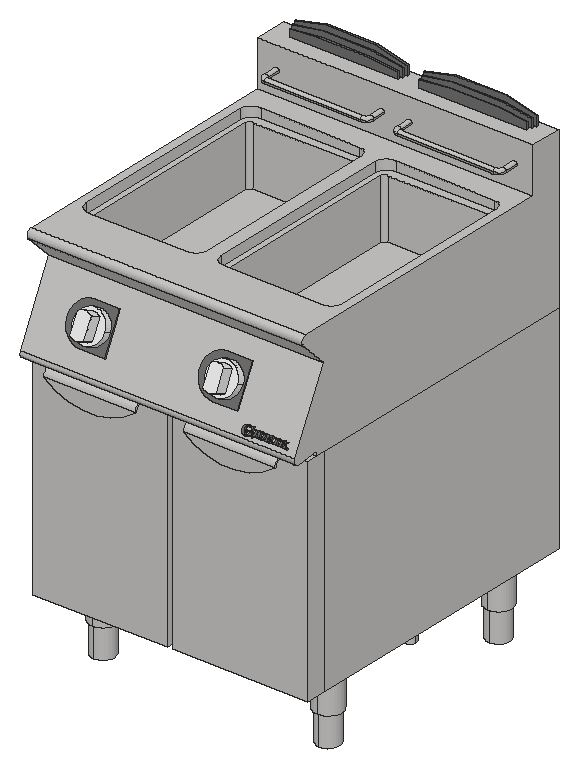
Revit family "QF_GIORIK_FE7215", category Specialty Equipment, Revit 2014
Parameters (values of type "FE7215")
  Weight in Pounds = 167.5511
  Watts = 20400 W
  Volts = 400 V
  URL Cutsheet = "www.giorik.com"
  URL = "www.giorik.com"
  Status [instance] = ""
  Specification by User [instance] = ""
  Specification by Manufacturer = ""
  Show Logo [instance] = yes
  Show Clearance [instance] = yes
  Serial Number = ""
  Seismic Rating = ""
  SMACNA No = ""
  Revision Code [instance] = ""
  Phase = 3
  Number of Poles [instance] = 3
  NAFEM Spec ID Number = ""
  Model = "FE7215"
  Min Ckt Ampacity = 0 A
  Max Overcurrent Protection = 0 A
  Masterspec = ""
  Manufacturer = "GIORIK"
  Item Number [instance] = ""
  Installed By [instance] = ""
  Identify Quantity as Lot [instance] = no
  HP = "27.356808000000"
  Furnished By [instance] = ""
  Foodservice Equipment Identifier [instance] = yes
  FL Amps = 0 A
  Electrical Remarks [instance] = ""
  Electric Connection Type [instance] = ""
  Elec Conn RI Height [instance] = 0 mm
  Elec Conn Connection Height [instance] = 150 mm
  Description = "15+15 LITRE ELECTRIC FRYER."
  Cycle = 50 Hz
  Conn Plug = ""
  CSI MasterFormat = ""
  Assembly Code = "E1090320"
  Apparent Power = 20400 VA
Reference planes
  plane 1 "Back": y = 0
  plane 2: z = 0
  plane 3 "Left": x = 0
  plane 4 "Right": x = 600
  plane 5 "Front": y = -720
  plane 6 "Top": z = 900
Forms (mm)
  Extrusion 1, solid, visible <- "Show Logo"
    sketch origin (386.604, -736.761, 609.486) x (-1, 0, 0) y (0, 0.452718, 0.891654)
      loop
        line (-118.824, 58.358) -> (-127.804, 58.358) -> (-125.523, 56.445) -> (-125.523, 48.027) -> (-127.804, 46.113) -> (-118.824, 46.113) -> (-121.105, 48.027) -> (-121.105, 56.445) -> (-118.824, 58.358)
      loop
        line (-163.721, 58.358) -> (-172.7, 58.358) -> (-170.42, 56.445) -> (-170.42, 48.027) -> (-172.7, 46.113) -> (-163.721, 46.113) -> (-166.001, 48.027) -> (-166.001, 56.445) -> (-163.721, 58.358)
      loop
        line (-174.332, 58.358) -> (-183.312, 58.358) -> (-181.031, 56.445) -> (-181.031, 52.435) -> (-186.419, 56.955) -> (-184.416, 58.358) -> (-191.268, 58.358) -> (-188.01, 56.839) -> (-185.455, 54.283) -> (-190.846, 47.858) -> (-193.396, 46.93) -> (-193.396, 46.113) -> (-184.416, 46.113) -> (-185.437, 47.571) -> (-182.443, 51.552) -> (-181.031, 50.894) -> (-181.031, 48.027) -> (-183.312, 46.113) -> (-174.332, 46.113) -> (-176.613, 48.027) -> (-176.613, 56.445) -> (-174.332, 58.358)
      loop
        line (-115.429, 62.063) -> (-115.429, 54.198)
        arc (-115.429, 54.198) -> (-111.618, 57.803) -> (-106.847, 59.986) r 16.039
        arc (-106.847, 59.986) -> (-103.314, 59.837) -> (-100.512, 57.68) r 5.851
        arc (-100.512, 57.68) -> (-98.815, 52.267) -> (-100.512, 46.853) r 9.479
        arc (-100.512, 46.853) -> (-102.406, 44.986) -> (-104.846, 43.93) r 7.236
        arc (-104.846, 43.93) -> (-107.728, 44.111) -> (-110.052, 45.825) r 5.11
        line (-110.052, 45.825) -> (-110.052, 52.001) -> (-116.141, 52.001) -> (-116.141, 45.503) -> (-117.893, 43.751) -> (-114.094, 44.769)
        arc (-114.094, 44.769) -> (-112.56, 44.947) -> (-111.129, 44.366) r 3.115
        arc (-111.129, 44.366) -> (-104.216, 42.091) -> (-97.303, 44.366) r 11.641
        arc (-97.303, 44.366) -> (-93.396, 52.107) -> (-97.303, 59.849) r 9.622
        arc (-97.303, 59.849) -> (-104.369, 62.174) -> (-111.435, 59.849) r 11.898
        line (-111.435, 59.849) -> (-115.429, 62.063)
      loop
        arc (-129.234, 56.068) -> (-135.893, 58.628) -> (-142.552, 56.068) r 9.941
        arc (-142.552, 56.068) -> (-144.234, 52.286) -> (-142.552, 48.505) r 5.093
        arc (-142.552, 48.505) -> (-135.893, 45.945) -> (-129.234, 48.505) r 9.941
        arc (-129.234, 48.505) -> (-127.552, 52.286) -> (-129.234, 56.068) r 5.093
      loop
        arc (-132.628, 54.403) -> (-135.893, 57.668) -> (-139.158, 54.403) r 3.265
        line (-139.158, 54.403) -> (-139.158, 50.169)
        arc (-139.158, 50.169) -> (-135.893, 46.904) -> (-132.628, 50.169) r 3.265
        line (-132.628, 50.169) -> (-132.628, 54.403)
      loop
        arc (-156.363, 58.365) -> (-159.647, 55.081) -> (-156.363, 51.796) r 3.285
        line (-156.363, 51.796) -> (-159.529, 47.306) -> (-162.087, 46.113) -> (-155.847, 46.113) -> (-153.529, 51.083) -> (-150.637, 51.083) -> (-150.637, 47.784) -> (-153.022, 46.113) -> (-144.011, 46.113) -> (-146.094, 47.68) -> (-146.094, 56.493) -> (-144.229, 58.365) -> (-156.363, 58.365)
      loop
        line (-150.637, 57.512) -> (-153.637, 57.512)
        arc (-153.637, 57.512) -> (-156.237, 54.912) -> (-153.637, 52.312) r 2.6
        line (-153.637, 52.312) -> (-150.637, 52.312) -> (-150.637, 57.512)
      loop
        line (-108.924, 52.001) -> (-104.936, 49.005) -> (-100.948, 52.001) -> (-108.924, 52.001)
    from 1.5 to -0.5
  Extrusion 2, solid
    sketch origin (-16, 1025.81, 0) x (1, 0, 0) y (0, 1, 0)
      loop
        line (25, -1086.81) -> (25, -1156.81) -> (115, -1156.81) -> (115, -1086.81) -> (25, -1086.81)
    from 148 to 150
  Extrusion 3, solid
    sketch origin (0, 1000, -20) x (0, 1, 0) y (0, 0, 1)
      loop
        line (-1000, 989.988) -> (-1070, 989.988) -> (-1070, 889.988) -> (-1688.806, 889.988)
        arc (-1688.806, 889.988) -> (-1699.151, 883.075) -> (-1696.724, 870.873) r 11.197
        line (-1696.724, 870.873) -> (-1640.876, 815.025) -> (-1718.948, 661.258)
        arc (-1718.948, 661.258) -> (-1718.233, 650.105) -> (-1708.118, 645.354) r 10.981
        line (-1708.118, 645.354) -> (-1660, 649.925) -> (-1660, 640) -> (-1000, 640) -> (-1000, 989.988)
    from 0 to 600
  Extrusion 4, solid
    sketch origin (0, 0, 599.536) x (1, 0, 0) y (0, 1, 0)
      loop
        line (0, -640) -> (40, -640) -> (40, -40) -> (560, -40) -> (560, -640) -> (600, -640) -> (600, 0) -> (0, 0) -> (0, -640)
    from -449.536 to 20.464
  Extrusion 5, solid
    sketch origin (0, 0, 0) x (1, 0, 0) y (0, 1, 0)
      loop
        line (40, -40) -> (40, -640) -> (560, -640) -> (560, -40) -> (40, -40)
    from 150 to 190
  Extrusion 6, solid
    sketch origin (-16, 560.81, 0) x (1, 0, 0) y (0, 1, 0)
      loop
        line (25, -1086.81) -> (25, -1156.81) -> (115, -1156.81) -> (115, -1086.81) -> (25, -1086.81)
    from 148 to 150
  Revolve 7, solid
    sketch origin (54, 560.81, 0) x (0, 1, 0) y (0, 0, 1)
      loop
        line (-1092.56, 66) -> (-1092.56, 148) -> (-1121.81, 148) -> (-1121.81, 0) -> (-1096.81, 0) -> (-1096.81, 66) -> (-1092.56, 66)
      axis (-1121.81, 0) -> (-1121.81, 148)
    angle from 0 to 360
  Revolve 8, solid
    sketch origin (54, 1025.81, 0) x (0, 1, 0) y (0, 0, 1)
      loop
        line (-1092.56, 66) -> (-1092.56, 148) -> (-1121.81, 148) -> (-1121.81, 0) -> (-1096.81, 0) -> (-1096.81, 66) -> (-1092.56, 66)
      axis (-1121.81, 0) -> (-1121.81, 148)
    angle from 0 to 360
  Extrusion 9, solid
    sketch origin (616, 560.81, 0) x (-1, 0, 0) y (0, -1, 0)
      loop
        line (25, 1086.81) -> (115, 1086.81) -> (115, 1156.81) -> (25, 1156.81) -> (25, 1086.81)
    from 148 to 150
  Revolve 10, solid
    sketch origin (546, 560.81, 0) x (0, 1, 0) y (0, 0, -1)
      loop
        line (-1092.56, -66) -> (-1096.81, -66) -> (-1096.81, 0) -> (-1121.81, 0) -> (-1121.81, -148) -> (-1092.56, -148) -> (-1092.56, -66)
      axis (-1121.81, 0) -> (-1121.81, -148)
    angle from 0 to 360
  Extrusion 11, solid
    sketch origin (616, -1217.81, 0) x (-1, 0, 0) y (0, -1, 0)
      loop
        line (25, -1086.81) -> (25, -1156.81) -> (115, -1156.81) -> (115, -1086.81) -> (25, -1086.81)
    from 148 to 150
  Revolve 12, solid
    sketch origin (546, -1217.81, 0) x (0, -1, 0) y (0, 0, 1)
      loop
        line (-1092.56, 66) -> (-1092.56, 148) -> (-1121.81, 148) -> (-1121.81, 0) -> (-1096.81, 0) -> (-1096.81, 66) -> (-1092.56, 66)
      axis (-1121.81, 0) -> (-1121.81, 148)
    angle from 0 to 360
  Extrusion 13, solid
    sketch origin (-293.221, -963.345, 52.363) x (1, 0, 0) y (0, 0.452718, 0.891654)
      loop
        line (463.221, 676.25) -> (463.221, 766.25) -> (409.698, 766.25)
        arc (409.698, 766.25) -> (364.698, 721.25) -> (409.698, 676.25) r 45
        line (409.698, 676.25) -> (463.221, 676.25)
    from 48 to 50
  Extrusion 14, solid
    sketch origin (481.331, -1008.697, 74.959) x (-1, 0, 0) y (0, -0.45351, -0.891251)
      loop
        circle (351.331, -721.346) r 35
    from 0 to 15
  Extrusion 15, solid
    sketch origin (481.331, -1008.697, 74.959) x (-1, 0, 0) y (0, -0.45351, -0.891251)
      loop
        arc (336.331, -743.846) -> (351.331, -748.846) -> (366.331, -743.846) r 25
        line (366.331, -743.846) -> (366.331, -698.846)
        arc (366.331, -698.846) -> (351.331, -693.846) -> (336.331, -698.846) r 25
        line (336.331, -698.846) -> (336.331, -743.846)
    from 15 to 40
  Extrusion 16, solid
    sketch origin (-94, 0, 59.999) x (1, 0, 0) y (0, 0, 1)
      loop
        line (135, 909.989) -> (370.5, 909.989) -> (370.5, 925.527) -> (305.556, 931.749) -> (199.444, 931.749) -> (135, 925.527) -> (135, 909.989)
    from 32 to 35
  Extrusion 17, solid
    sketch origin (-92, 10, 59.999) x (1, 0, 0) y (0, 0, 1)
      loop
        line (371.5, 909.989) -> (371.5, 928.527) -> (304.662, 939.193) -> (196.338, 939.193) -> (130, 928.527) -> (130, 909.989) -> (371.5, 909.989)
    from 32 to 35
  Extrusion 18, solid
    sketch origin (-90, 20, 59.999) x (1, 0, 0) y (0, 0, 1)
      loop
        line (372.5, 909.989) -> (372.5, 930.527) -> (303.896, 947.413) -> (193.104, 947.413) -> (125, 930.527) -> (125, 909.989) -> (372.5, 909.989)
    from 32 to 35
  Extrusion 19, void
    sketch origin (0, 0, 819.988) x (0, 1, 0) y (-1, 0, 0)
      loop
        arc (-120, -45) -> (-127.322, -27.322) -> (-145, -20) r 25
        line (-145, -20) -> (-565.002, -20)
        arc (-565.002, -20) -> (-582.68, -27.322) -> (-590.002, -45) r 25
        line (-590.002, -45) -> (-590.002, -260)
        arc (-590.002, -260) -> (-582.68, -277.678) -> (-565.002, -285) r 25
        line (-565.002, -285) -> (-145, -285)
        arc (-145, -285) -> (-127.322, -277.678) -> (-120, -260) r 25
        line (-120, -260) -> (-120, -45)
    from -100 to 50
  Extrusion 20, solid
    sketch origin (0, 0, 900) x (0, 1, 0) y (-1, 0, 0)
      loop
        arc (-120, -45) -> (-127.322, -27.322) -> (-145, -20) r 25
        line (-145, -20) -> (-565.002, -20)
        arc (-565.002, -20) -> (-582.68, -27.322) -> (-590.002, -45) r 25
        line (-590.002, -45) -> (-590.002, -260)
        arc (-590.002, -260) -> (-582.68, -277.678) -> (-565.002, -285) r 25
        line (-565.002, -285) -> (-145, -285)
        arc (-145, -285) -> (-127.322, -277.678) -> (-120, -260) r 25
        line (-120, -260) -> (-120, -45)
      loop
        arc (-140, -45) -> (-142.929, -37.929) -> (-150, -35) r 10
        line (-150, -35) -> (-560.002, -35)
        arc (-560.002, -35) -> (-567.073, -37.929) -> (-570.002, -45) r 10
        line (-570.002, -45) -> (-570.002, -260)
        arc (-570.002, -260) -> (-567.073, -267.071) -> (-560.002, -270) r 10
        line (-560.002, -270) -> (-150, -270)
        arc (-150, -270) -> (-142.929, -267.071) -> (-140, -260) r 10
        line (-140, -260) -> (-140, -45)
    from -180.012 to -50
  Extrusion 21, solid
    sketch origin (205, -725, 0) x (1, 0, 0) y (0, 0, 1)
      loop
        line (100, 620) -> (100, 150) -> (395, 150) -> (395, 620) -> (100, 620)
    from -85 to -40
  Extrusion 22, solid
    sketch origin (255, -725, -20.1) x (0, 1, 0) y (0, 0, 1)
      loop
        arc (25, 640.1) -> (14.393, 635.707) -> (10, 625.1) r 15
        line (10, 625.1) -> (12, 625.1)
        arc (12, 625.1) -> (15.808, 634.292) -> (25, 638.1) r 13
        line (25, 638.1) -> (40, 638.1) -> (40, 640.1) -> (25, 640.1)
    from 97.5 to 297.5
  Extrusion 23, solid
    sketch origin (255, -724.905, -20.1) x (1, 0, 0) y (0, 0, 1)
      loop
        arc (97.5, 625.1) -> (197.5, 590.089) -> (297.5, 625.1) r 160.316
        line (297.5, 625.1) -> (97.5, 625.1)
    from -11.905 to -9.905
  Extrusion 24, solid, visible <- "Show Clearance", detail levels coarse
    sketch origin (600, -725, 0) x (-1, 0, 0) y (0, -1, 0)
      loop
        line (0, -40) -> (295, -40)
        arc (295, -40) -> (208.597, 168.596) -> (0, 255) r 295
        line (0, 255) -> (0, -40)
    from 150 to 620
  Sweep 25, solid
    path origin (-40, 0, 919.988) x (0, 1, 0) y (-1, 0, 0)
      loop
        line (-70, -80) -> (-100, -80)
        arc (-100, -80) -> (-107.071, -82.929) -> (-110, -90) r 10
        line (-110, -90) -> (-110, -300)
        arc (-110, -300) -> (-107.071, -307.071) -> (-100, -310) r 10
        line (-100, -310) -> (-70, -310)
    profile origin (40, -85, 919.988) x (1, 0, 0) y (0, 0, 1)
      loop
        circle (0, 0) r 5
  Extrusion 26, solid
    sketch origin (-3.221, -963.345, 52.363) x (1, 0, 0) y (0, 0.452718, 0.891654)
      loop
        line (463.221, 676.25) -> (463.221, 766.25) -> (409.698, 766.25)
        arc (409.698, 766.25) -> (364.698, 721.25) -> (409.698, 676.25) r 45
        line (409.698, 676.25) -> (463.221, 676.25)
    from 48 to 50
  Extrusion 27, solid
    sketch origin (771.331, -1008.697, 74.959) x (-1, 0, 0) y (0, -0.45351, -0.891251)
      loop
        circle (351.331, -721.346) r 35
    from 0 to 15
  Extrusion 28, solid
    sketch origin (771.331, -1008.697, 74.959) x (-1, 0, 0) y (0, -0.45351, -0.891251)
      loop
        arc (336.331, -743.846) -> (351.331, -748.846) -> (366.331, -743.846) r 25
        line (366.331, -743.846) -> (366.331, -698.846)
        arc (366.331, -698.846) -> (351.331, -693.846) -> (336.331, -698.846) r 25
        line (336.331, -698.846) -> (336.331, -743.846)
    from 15 to 40
  Extrusion 29, solid
    sketch origin (295, 0, 900) x (0, 1, 0) y (-1, 0, 0)
      loop
        arc (-120, -45) -> (-127.322, -27.322) -> (-145, -20) r 25
        line (-145, -20) -> (-565.002, -20)
        arc (-565.002, -20) -> (-582.68, -27.322) -> (-590.002, -45) r 25
        line (-590.002, -45) -> (-590.002, -260)
        arc (-590.002, -260) -> (-582.68, -277.678) -> (-565.002, -285) r 25
        line (-565.002, -285) -> (-145, -285)
        arc (-145, -285) -> (-127.322, -277.678) -> (-120, -260) r 25
        line (-120, -260) -> (-120, -45)
      loop
        arc (-140, -45) -> (-142.929, -37.929) -> (-150, -35) r 10
        line (-150, -35) -> (-560.002, -35)
        arc (-560.002, -35) -> (-567.073, -37.929) -> (-570.002, -45) r 10
        line (-570.002, -45) -> (-570.002, -260)
        arc (-570.002, -260) -> (-567.073, -267.071) -> (-560.002, -270) r 10
        line (-560.002, -270) -> (-150, -270)
        arc (-150, -270) -> (-142.929, -267.071) -> (-140, -260) r 10
        line (-140, -260) -> (-140, -45)
    from -180.012 to -50
  Sweep 30, solid
    path origin (250, 0, 919.988) x (0, 1, 0) y (-1, 0, 0)
      loop
        line (-70, -80) -> (-100, -80)
        arc (-100, -80) -> (-107.071, -82.929) -> (-110, -90) r 10
        line (-110, -90) -> (-110, -300)
        arc (-110, -300) -> (-107.071, -307.071) -> (-100, -310) r 10
        line (-100, -310) -> (-70, -310)
    profile origin (330, -85, 919.988) x (1, 0, 0) y (0, 0, 1)
      loop
        circle (0, 0) r 5
  Extrusion 31, void
    sketch origin (600, 0, 819.988) x (0, 1, 0) y (-1, 0, 0)
      loop
        line (-120, 45) -> (-120, 260)
        arc (-120, 260) -> (-127.322, 277.678) -> (-145, 285) r 25
        line (-145, 285) -> (-565.002, 285)
        arc (-565.002, 285) -> (-582.68, 277.678) -> (-590.002, 260) r 25
        line (-590.002, 260) -> (-590.002, 45)
        arc (-590.002, 45) -> (-582.68, 27.322) -> (-565.002, 20) r 25
        line (-565.002, 20) -> (-145, 20)
        arc (-145, 20) -> (-127.322, 27.322) -> (-120, 45) r 25
    from -100 to 50
  Extrusion 32, solid
    sketch origin (694, 0, 59.999) x (-1, 0, 0) y (0, 0, -1)
      loop
        line (135, -909.989) -> (135, -925.527) -> (199.444, -931.749) -> (305.556, -931.749) -> (370.5, -925.527) -> (370.5, -909.989) -> (135, -909.989)
    from 32 to 35
  Extrusion 33, solid
    sketch origin (692, 10, 59.999) x (-1, 0, 0) y (0, 0, -1)
      loop
        line (371.5, -909.989) -> (130, -909.989) -> (130, -928.527) -> (196.338, -939.193) -> (304.662, -939.193) -> (371.5, -928.527) -> (371.5, -909.989)
    from 32 to 35
  Extrusion 34, solid
    sketch origin (690, 20, 59.999) x (-1, 0, 0) y (0, 0, -1)
      loop
        line (372.5, -909.989) -> (125, -909.989) -> (125, -930.527) -> (193.104, -947.413) -> (303.896, -947.413) -> (372.5, -930.527) -> (372.5, -909.989)
    from 32 to 35
  Extrusion 35, solid
    sketch origin (395, -725, 0) x (-1, 0, 0) y (0, 0, -1)
      loop
        line (100, -620) -> (395, -620) -> (395, -150) -> (100, -150) -> (100, -620)
    from -85 to -40
  Extrusion 36, solid
    sketch origin (345, -725, -20.1) x (0, 1, 0) y (0, 0, -1)
      loop
        line (25, -640.1) -> (40, -640.1) -> (40, -638.1) -> (25, -638.1)
        arc (25, -638.1) -> (15.808, -634.292) -> (12, -625.1) r 13
        line (12, -625.1) -> (10, -625.1)
        arc (10, -625.1) -> (14.393, -635.707) -> (25, -640.1) r 15
    from 97.5 to 297.5
  Extrusion 37, solid
    sketch origin (345, -724.905, -20.1) x (-1, 0, 0) y (0, 0, -1)
      loop
        line (97.5, -625.1) -> (297.5, -625.1)
        arc (297.5, -625.1) -> (197.5, -590.089) -> (97.5, -625.1) r 160.316
    from -11.905 to -9.905
  Extrusion 38, solid, visible <- "Show Clearance", detail levels coarse
    sketch origin (0, -725, 0) x (1, 0, 0) y (0, 1, 0)
      loop
        line (0, 40) -> (0, -255)
        arc (0, -255) -> (208.597, -168.596) -> (295, 40) r 295
        line (295, 40) -> (0, 40)
    from 150 to 620
  Extrusion 39, solid
    sketch origin (0, 0, 100) x (0, 1, 0) y (-1, 0, 0)
      loop
        circle (-380, -580) r 12.5
    from 30 to 50
Cuts and joins
  Extrusion 19, Extrusion 31 cuts Extrusion 3
  Extrusion 31 cuts Extrusion 20
Lines and regions (mm)
  symbolic lines, style "200-EquipBorder-2D"
    curve 1: line (0, -720, 0) -> (600, -720, 0)
    curve 2: line (600, -720, 0) -> (600, 0, 0)
    curve 3: line (600, 0, 0) -> (0, 0, 0)
    curve 4: line (0, 0, 0) -> (0, -720, 0)
  symbolic lines, style "QF_Door-Drawer Clearances", visible <- "Show Clearance", detail levels coarse
    curve 5: line (600, -720, 0) -> (600, -980, 0)
    curve 6: line (0, -720, 0) -> (0, -980, 0)
    curve 84: arc (292.916, -720, 900) -> (195.832, -905.624, 900) -> (0, -980, 900) r 295
    curve 85: arc (307.084, -720, 900) -> (404.168, -905.624, 900) -> (600, -980, 900) r 295
  symbolic lines, style "200-EquipInternal-2D"
    curve 7: line (282.5, -12, 900) -> (35, -12, 900)
    curve 8: line (279.5, -22, 900) -> (38, -22, 900)
    curve 9: line (276.5, -32, 900) -> (41, -32, 900)
    curve 10: line (35, -15, 900) -> (282.5, -15, 900)
    curve 11: line (38, -25, 900) -> (279.5, -25, 900)
    curve 12: line (41, -35, 900) -> (276.5, -35, 900)
    curve 13: line (35, -12, 900) -> (35, -15, 900)
    curve 14: line (38, -22, 900) -> (38, -25, 900)
    curve 15: line (41, -32, 900) -> (41, -35, 900)
    curve 16: line (282.5, -15, 900) -> (282.5, -12, 900)
    curve 17: line (279.5, -25, 900) -> (279.5, -22, 900)
    curve 18: line (276.5, -35, 900) -> (276.5, -32, 900)
    curve 19: line (323.5, -35, 900) -> (559, -35, 900)
    curve 20: line (559, -32, 900) -> (323.5, -32, 900)
    curve 21: line (320.5, -22, 900) -> (320.5, -25, 900)
    curve 22: line (317.5, -12, 900) -> (317.5, -15, 900)
    curve 23: line (323.5, -32, 900) -> (323.5, -35, 900)
    curve 24: line (320.5, -25, 900) -> (562, -25, 900)
    curve 25: line (562, -22, 900) -> (320.5, -22, 900)
    curve 26: line (317.5, -15, 900) -> (565, -15, 900)
    curve 27: line (565, -12, 900) -> (317.5, -12, 900)
    curve 28: line (565, -15, 900) -> (565, -12, 900)
    curve 29: line (562, -25, 900) -> (562, -22, 900)
    curve 30: line (559, -35, 900) -> (559, -32, 900)
    curve 31: line (35, -70, 900) -> (35, -99.667, 900)
    curve 32: line (45, -100, 900) -> (45, -70, 900)
    curve 33: line (49.989, -104.989, 900) -> (260.277, -104.989, 900)
    curve 34: line (265.038, -100.227, 900) -> (265.038, -70, 900)
    curve 35: line (275.038, -70, 900) -> (275.038, -100.301, 900)
    curve 36: line (260.34, -115, 900) -> (50.333, -115, 900)
    curve 37: arc (50.333, -115, 900) -> (39.491, -110.509, 900) -> (35, -99.667, 900) r 15.333
    curve 38: arc (45, -100, 900) -> (46.461, -103.528, 900) -> (49.989, -104.989, 900) r 4.989
    curve 39: arc (260.34, -115, 900) -> (270.733, -110.695, 900) -> (275.038, -100.301, 900) r 14.699
    curve 40: arc (265.038, -100.227, 900) -> (263.644, -103.594, 900) -> (260.277, -104.989, 900) r 4.762
    curve 41: line (325, -70, 900) -> (325, -99.667, 900)
    curve 42: line (335, -100, 900) -> (335, -70, 900)
    curve 43: line (339.989, -104.989, 900) -> (550.27, -104.989, 900)
    curve 44: line (555.032, -100.227, 900) -> (555.032, -70, 900)
    curve 45: line (565, -70, 900) -> (565, -100.301, 900)
    curve 46: line (550.301, -115, 900) -> (340.333, -115, 900)
    curve 47: arc (340.333, -115, 900) -> (329.491, -110.509, 900) -> (325, -99.667, 900) r 15.333
    curve 48: arc (335, -100, 900) -> (336.461, -103.528, 900) -> (339.989, -104.989, 900) r 4.989
    curve 49: arc (550.301, -115, 900) -> (560.695, -110.695, 900) -> (565, -100.301, 900) r 14.699
    curve 50: arc (555.032, -100.227, 900) -> (553.637, -103.594, 900) -> (550.27, -104.989, 900) r 4.762
    curve 51: line (600, -70, 900) -> (0, -70, 900)
    curve 52: line (45, -140, 900) -> (260, -140, 900)
    curve 53: line (260, -120, 900) -> (45, -120, 900)
    curve 54: line (285, -565.002, 900) -> (285, -145, 900)
    curve 55: line (270, -150, 900) -> (270, -560.002, 900)
    curve 56: line (315, -145, 900) -> (315, -565.002, 900)
    curve 57: line (330, -560.002, 900) -> (330, -150, 900)
    curve 58: line (340, -140, 900) -> (555, -140, 900)
    curve 59: line (555, -120, 900) -> (340, -120, 900)
    curve 60: line (580, -565.002, 900) -> (580, -145, 900)
    curve 61: line (565, -150, 900) -> (565, -560.002, 900)
    curve 62: line (555, -570.002, 900) -> (340, -570.002, 900)
    curve 63: line (340, -590.002, 900) -> (555, -590.002, 900)
    curve 64: line (45, -590.002, 900) -> (260, -590.002, 900)
    curve 65: line (260, -570.002, 900) -> (45, -570.002, 900)
    curve 66: line (35, -560.002, 900) -> (35, -150, 900)
    curve 67: line (20, -145, 900) -> (20, -565.002, 900)
    curve 68: arc (45, -120, 900) -> (27.322, -127.322, 900) -> (20, -145, 900) r 25
    curve 69: arc (45, -140, 900) -> (37.929, -142.929, 900) -> (35, -150, 900) r 10
    curve 70: arc (260, -140, 900) -> (267.071, -142.929, 900) -> (270, -150, 900) r 10
    curve 71: arc (260, -120, 900) -> (277.678, -127.322, 900) -> (285, -145, 900) r 25
    curve 72: arc (315, -145, 900) -> (322.322, -127.322, 900) -> (340, -120, 900) r 25
    curve 73: arc (340, -140, 900) -> (332.929, -142.929, 900) -> (330, -150, 900) r 10
    curve 74: arc (555, -120, 900) -> (572.678, -127.322, 900) -> (580, -145, 900) r 25
    curve 75: arc (555, -140, 900) -> (562.071, -142.929, 900) -> (565, -150, 900) r 10
    curve 76: arc (565, -560.002, 900) -> (562.071, -567.073, 900) -> (555, -570.002, 900) r 10
    curve 77: arc (580, -565.002, 900) -> (572.678, -582.68, 900) -> (555, -590.002, 900) r 25
    curve 78: arc (330, -560.002, 900) -> (332.929, -567.073, 900) -> (340, -570.002, 900) r 10
    curve 79: arc (315, -565.002, 900) -> (322.322, -582.68, 900) -> (340, -590.002, 900) r 25
    curve 80: arc (285, -565.002, 900) -> (277.678, -582.68, 900) -> (260, -590.002, 900) r 25
    curve 81: arc (260, -570.002, 900) -> (267.071, -567.073, 900) -> (270, -560.002, 900) r 10
    curve 82: arc (35, -560.002, 900) -> (37.929, -567.073, 900) -> (45, -570.002, 900) r 10
    curve 83: arc (20, -565.002, 900) -> (27.322, -582.68, 900) -> (45, -590.002, 900) r 25
Dimensions and locks
  plane 3 "Left" to plane 4 "Right" = 600 mm
  plane 5 "Front" to plane 1 "Back" = 720 mm
  plane 4 "Right" to plane 3 "Left" = 600 mm
  plane 1 "Back" to plane 5 "Front" = 720 mm
  plane 6 "Top" to level = 900 mm  (x2)
  aligned and locked: level to plane 2
Connectors
  electrical at (580, -380, 130), driven by "Apparent Power", driven by "Volts", driven by "Number of Poles"
    settings: on Extrusion 39, index 3, voltage 400 V, apparent load 0 VA, apparent load phase1 20400 VA, apparent load phase2 0 VA, apparent load phase3 0 VA, power factor 1, load classification "Other", number of poles 3, system type 31, power factor state 1, is connector primary yes, connector utility no, sub classification motor no, connector description "Electrical connection"
